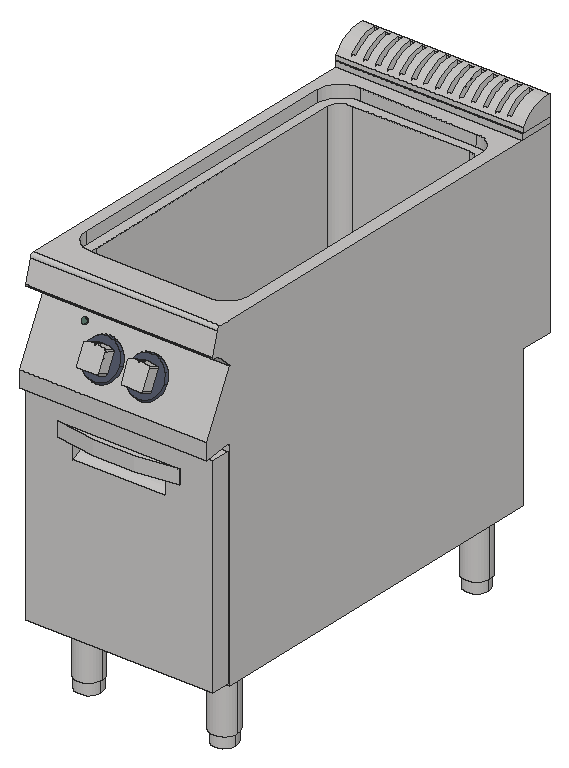
Revit family "QF_ZANUSSI_392412_Z9OOCDBAMC", category Specialty Equipment, Revit 2018
Family settings
  Round Connector Dimension = Use Diameter
  Part Type = Normal
  Work Plane-Based = No
  Always vertical = Yes
  Cut with Voids When Loaded = No
  Shared = No
  Room Calculation Point = No
Parameters (values of type "Standard")
  Weight = 62.00 kg
  Watts = 0 W
  Volts = 380 V
  URL Manufacturer = "http://www.zanussiprofessional.com"
  URL = "http://www.zanussiprofessional.com"
  Steam Supply Size = 0"
  Steam Supply Minimum Pressure = 0.00 psi
  Steam Supply Maximum Pressure = 0.00 psi
  Steam Pounds per Hour = 0
  Show Logo [instance] = yes
  Show Clearance [instance] = yes
  Refrigeration Suction Line Size = 0"
  Refrigeration Liquid Line Size = 0"
  Refrigerant Compressor Remote = yes
  Phase = 3
  Model = "Z9OOCDBAMC"
  Manufacturer = "Zanussi"
  Length Actual = 400 mm  # constant formula
  Item Number = "392412"
  Hot Water Size = 0"
  Height Actual = 850 mm  # constant formula
  HP = "13.4 HP"
  Gas Size = 0"
  Gas KW = 0
  Gas Input Pressure = 0.0 Btu/h
  Direct Waste Size = 1"
  Description = "ELECTRIC PASTA COOKER 1X40 LT WELL (AUS)"
  Depth Actual = 900 mm  # constant formula
  Cycle = 60 Hz
  Condensate Return Size = 0"
  Compressed Air Volume = 0 GPM
  Compressed Air Size = 0"
  Compressed Air Pressure = 0.00 psi
  Cold Water Size = 3/4"
  Accessory = yes
Reference planes
  plane 1 "BACK": y = 0
  plane 2: z = 0
  plane 3 "LEFT": x = 0
  plane 4 "RIGHT": x = 400
  plane 5 "FRONT": y = -915
  plane 6 "TOP": z = 908
  plane 7 "Center Y": x = 200
  plane 8 "Center X": y = -457.5
  plane 9 "BASE": z = 600
  plane 10 "TOP A": z = 850
  plane 11: z = 150
  plane 12: y = -126
  plane 13: y = -800
  plane 14: x = 345
  plane 15: x = 55
  plane 16: y = -1273
  plane 17: x = 232
  plane 18: x = 334.782
  plane 19: x = 240
  plane 20: x = 240
  plane 21: y = -900
Forms (mm)
  Extrusion 1, solid, material "QF_Finishes_Stainless Steel"
    sketch origin (0, 0, 0) x (0, 1, 0) y (0, 0, 1)
      loop
        line (0, 450.038) -> (0, 850) -> (-879.358, 850)
        arc (-879.358, 850) -> (-884.643, 847.811) -> (-886.833, 842.526) r 7.474
        line (-886.833, 842.526) -> (-899.884, 797.011)
        arc (-899.884, 797.011) -> (-899.396, 794.379) -> (-897, 793.184) r 3
        line (-897, 793.184) -> (-886.802, 793.184) -> (-854.982, 761.364) -> (-915, 640.508) -> (-915, 605.508) -> (-858.645, 613.428)
        arc (-858.645, 613.428) -> (-856.101, 612.674) -> (-855, 610.259) r 3.2
        line (-855, 610.259) -> (-855, 150) -> (-71.437, 150) -> (-71.437, 450.038) -> (0, 450.038)
      loop
        line (-900, 600) -> (-900, 155) -> (-860, 155) -> (-860, 600) -> (-900, 600)
    from 0 to 400
  Extrusion 2, void
    sketch origin (0, 0, 850) x (-1, 0, 0) y (0, -1, 0)
      loop
        arc (-75, 101.89) -> (-39.645, 116.535) -> (-25, 151.89) r 50
        line (-25, 151.89) -> (-25, 770)
        arc (-25, 770) -> (-39.645, 805.355) -> (-75, 820) r 50
        line (-75, 820) -> (-325, 820)
        arc (-325, 820) -> (-360.355, 805.355) -> (-375, 770) r 50
        line (-375, 770) -> (-375, 151.89)
        arc (-375, 151.89) -> (-360.355, 116.535) -> (-325, 101.89) r 50
        line (-325, 101.89) -> (-75, 101.89)
    from 0 to -25
  Extrusion 3, solid, material "QF_Clearances", visible <- "Show Clearance", detail levels coarse
    sketch origin (0, 0, 0) x (1, 0, 0) y (0, 1, 0)
      loop
        line (0, -915) -> (0, 0) -> (400, 0) -> (400, -915) -> (550.019, -915) -> (550.019, 150.019) -> (-150.019, 150.019) -> (-150.019, -915) -> (0, -915)
    from 0 to 908
  Revolve 4, solid, material "QF_Finishes_Stainless Steel"
    sketch origin (0, -126, 608.09) x (0, 0, 1) y (-1, 0, 0)
      loop
        line (-608.09, -55) -> (-458.09, -55) -> (-458.09, -26) -> (-583.09, -26) -> (-583.09, -28.75) -> (-608.09, -28.75) -> (-608.09, -55)
      axis (-608.09, -55) -> (-458.09, -55)
    angle from 0 to 360
  Revolve 5, solid, material "QF_Finishes_Stainless Steel"
    sketch origin (400.05, -126, 608.09) x (0, 0, 1) y (-1, 0, 0)
      loop
        line (-608.09, 55.05) -> (-608.09, 29.8) -> (-583.09, 29.8) -> (-583.09, 26.05) -> (-458.09, 26.05) -> (-458.09, 55.05) -> (-608.09, 55.05)
      axis (-608.09, 55.05) -> (-458.09, 55.05)
    angle from 0 to 360
  Revolve 6, solid, material "QF_Finishes_Stainless Steel"
    sketch origin (400.05, -800, 608.09) x (0, 0, 1) y (-1, 0, 0)
      loop
        line (-608.09, 55.05) -> (-608.09, 29.8) -> (-583.09, 29.8) -> (-583.09, 26.05) -> (-458.09, 26.05) -> (-458.09, 55.05) -> (-608.09, 55.05)
      axis (-608.09, 55.05) -> (-458.09, 55.05)
    angle from 0 to 360
  Extrusion 7, solid, material "QF_Finishes_Stainless Steel"
    sketch origin (200, 0, 0) x (0, 1, 0) y (0, 0, 1)
      loop
        line (-71.89, 862.9) -> (-71.89, 850) -> (0, 850) -> (0, 862.9) -> (-71.89, 862.9)
    from -200 to 200
  Revolve 8, solid, material "QF_Finishes_Stainless Steel"
    sketch origin (0, -800, 608.09) x (0, 0, 1) y (1, 0, 0)
      loop
        line (-608.09, 55) -> (-608.09, 28.75) -> (-583.09, 28.75) -> (-583.09, 26) -> (-458.09, 26) -> (-458.09, 55) -> (-608.09, 55)
      axis (-608.09, 55) -> (-458.09, 55)
    angle from 0 to 360
  Extrusion 9, solid, material "QF_Finishes_Stainless Steel"
    sketch origin (0, 0, 574.263) x (0, 1, 0) y (0, 0, 1)
      loop
        line (0, 288.637) -> (0, 333.737)
        arc (0, 333.737) -> (-39.584, 325.765) -> (-69.85, 299.037) r 77.853
        line (-69.85, 299.037) -> (-69.85, 288.637) -> (0, 288.637)
    from 0 to 400
  Extrusion 10, void
    sketch origin (0, 0, 848.9) x (0, -1, 0) y (1, 0, 0)
      loop
        line (6.761, 28.703) -> (63.911, 28.703) -> (63.911, 37.999) -> (6.761, 37.999) -> (6.761, 28.703)
      loop
        line (63.911, 63.487) -> (6.761, 63.487) -> (6.761, 54.191) -> (63.911, 54.191) -> (63.911, 63.487)
      loop
        line (63.911, 89.975) -> (6.761, 89.975) -> (6.761, 80.68) -> (63.911, 80.68) -> (63.911, 89.975)
      loop
        line (63.911, 115.464) -> (6.761, 115.464) -> (6.761, 106.168) -> (63.911, 106.168) -> (63.911, 115.464)
      loop
        line (63.911, 140.952) -> (6.761, 140.952) -> (6.761, 131.656) -> (63.911, 131.656) -> (63.911, 140.952)
      loop
        line (63.911, 166.44) -> (6.761, 166.44) -> (6.761, 157.145) -> (63.911, 157.145) -> (63.911, 166.44)
      loop
        line (63.911, 191.929) -> (6.761, 191.929) -> (6.761, 182.633) -> (63.911, 182.633) -> (63.911, 191.929)
      loop
        line (63.911, 217.417) -> (6.761, 217.417) -> (6.761, 208.121) -> (63.911, 208.121) -> (63.911, 217.417)
      loop
        line (63.911, 242.905) -> (6.761, 242.905) -> (6.761, 233.61) -> (63.911, 233.61) -> (63.911, 242.905)
      loop
        line (63.911, 268.394) -> (6.761, 268.394) -> (6.761, 259.098) -> (63.911, 259.098) -> (63.911, 268.394)
      loop
        line (63.911, 293.882) -> (6.761, 293.882) -> (6.761, 284.586) -> (63.911, 284.586) -> (63.911, 293.882)
      loop
        line (63.911, 319.37) -> (6.761, 319.37) -> (6.761, 310.075) -> (63.911, 310.075) -> (63.911, 319.37)
      loop
        line (63.911, 345.859) -> (6.761, 345.859) -> (6.761, 336.563) -> (63.911, 336.563) -> (63.911, 345.859)
      loop
        line (63.911, 370.347) -> (6.761, 370.347) -> (6.761, 361.051) -> (63.911, 361.051) -> (63.911, 370.347)
    from 25.4 to 63.5
  Extrusion 11, void
    sketch origin (0, 0, 791) x (0, 1, 0) y (-1, 0, 0)
      loop
        arc (-121.89, -75) -> (-130.677, -53.787) -> (-151.89, -45) r 30
        line (-151.89, -45) -> (-606.643, -45)
        arc (-606.643, -45) -> (-627.856, -53.787) -> (-636.643, -75) r 30
        line (-636.643, -75) -> (-636.643, -325)
        arc (-636.643, -325) -> (-627.856, -346.213) -> (-606.643, -355) r 30
        line (-606.643, -355) -> (-151.89, -355)
        arc (-151.89, -355) -> (-130.677, -346.213) -> (-121.89, -325) r 30
        line (-121.89, -325) -> (-121.89, -75)
    from 35 to -339.237
  Extrusion 12, void
    sketch origin (0, -1273.285, 791) x (0, 1, 0) y (-1, 0, 0)
      loop
        line (473.285, -75) -> (473.285, -325)
        arc (473.285, -325) -> (482.072, -346.213) -> (503.285, -355) r 30
        line (503.285, -355) -> (666.643, -355)
        arc (666.643, -355) -> (645.429, -346.213) -> (636.643, -325) r 30
        line (636.643, -325) -> (636.643, -75)
        arc (636.643, -75) -> (645.429, -53.787) -> (666.643, -45) r 30
        line (666.643, -45) -> (503.285, -45)
        arc (503.285, -45) -> (482.072, -53.787) -> (473.285, -75) r 30
    from 35 to -189.237
  Extrusion 13, solid, material "QF_Finishes_Stainless Steel"
    sketch origin (0, 0, 0) x (1, 0, 0) y (0, 1, 0)
      loop
        circle (232, -780) r 12.7
    from 176 to 292.788
  Extrusion 14, solid, material "QF_Finishes_Stainless Steel"
    sketch origin (0, 0, 150) x (-1, 0, 0) y (0, 1, 0)
      loop
        circle (-240, -570) r 6.35
    from 0 to 10
  Extrusion 15, solid, material "QF_Finishes_Stainless Steel"
    sketch origin (152.628, 92.372, 0) x (1, 0, 0) y (0, 1, 0)
      loop
        circle (182.372, -792.372) r 9.525
    from 200 to 331.575
  Extrusion 16, solid, material "QF_Plastic-Black-Matte"
    sketch origin (190, -884.991, 700.936) x (0, 0.444781, 0.895639) y (0, 0.895639, -0.444781)
      loop
        line (26.984, -34) -> (23.984, -34) -> (23.984, -35) -> (26.984, -35)
        arc (26.984, -35) -> (27.691, -34.707) -> (27.984, -34) r 1
        line (27.984, -34) -> (27.984, -19) -> (26.984, -19) -> (26.984, -34)
    from -58.5 to -56.5
  Extrusion 17, solid, material "QF_Finishes_Stainless Steel"
    sketch origin (247.5, -884.991, 700.936) x (-1, 0, 0) y (0, -0.444781, -0.895639)
      loop
        line (17.5, -17.5) -> (17.5, 17.5) -> (-17.5, 17.5) -> (-17.5, -17.5) -> (17.5, -17.5)
    from 5 to 10
  Extrusion 18, solid, material "QF_Finishes_Stainless Steel"
    sketch origin (247.5, -884.991, 700.936) x (-1, 0, 0) y (0, -0.444781, -0.895639)
      loop
        arc (-21.147, -22.789) -> (0, -26.984) -> (21.147, -22.789) r 55.4
        arc (21.147, -22.789) -> (22.494, -21.685) -> (23, -20.019) r 2.997
        line (23, -20.019) -> (23, 20.019)
        arc (23, 20.019) -> (22.122, 22.138) -> (20.003, 23.016) r 2.997
        line (20.003, 23.016) -> (-20.003, 23.016)
        arc (-20.003, 23.016) -> (-22.122, 22.138) -> (-23, 20.019) r 2.997
        line (-23, 20.019) -> (-23, -20.019)
        arc (-23, -20.019) -> (-22.494, -21.685) -> (-21.147, -22.789) r 2.997
    from 10 to 34
  Blend 19, solid, material "QF_Finishes_Navy Blue"
    base sketch origin (247.5, -884.991, 700.936) x (1, 0, 0) y (0, 0.444781, 0.895639)
      loop
        circle (0, 0) r 42.5
    top sketch origin (247.5, -884.991, 700.936) x (1, 0, 0) y (0, 0.444781, 0.895639)
      loop
        circle (0, 0) r 40.5
    from 0 to 5
  Extrusion 20, solid, material "QF_Finishes_Stainless Steel"
    sketch origin (152.5, -884.991, 700.936) x (1, 0, 0) y (0, 0.444781, 0.895639)
      loop
        arc (-21.147, 22.789) -> (-22.494, 21.685) -> (-23, 20.019) r 2.997
        line (-23, 20.019) -> (-23, -20.019)
        arc (-23, -20.019) -> (-22.122, -22.138) -> (-20.003, -23.016) r 2.997
        line (-20.003, -23.016) -> (20.003, -23.016)
        arc (20.003, -23.016) -> (22.122, -22.138) -> (23, -20.019) r 2.997
        line (23, -20.019) -> (23, 20.019)
        arc (23, 20.019) -> (22.494, 21.685) -> (21.147, 22.789) r 2.997
        arc (21.147, 22.789) -> (0, 26.984) -> (-21.147, 22.789) r 55.4
    from 10 to 34
  Extrusion 21, solid, material "QF_Plastic-Black-Matte"
    sketch origin (232.5, -884.991, 700.936) x (0, 0.444781, 0.895639) y (0, -0.895639, 0.444781)
      loop
        line (26.984, 34) -> (26.984, 19) -> (27.984, 19) -> (27.984, 34)
        arc (27.984, 34) -> (27.691, 34.707) -> (26.984, 35) r 1
        line (26.984, 35) -> (23.984, 35) -> (23.984, 34) -> (26.984, 34)
    from -81 to -79
  Extrusion 22, solid, material "QF_Finishes_DarkGreen"
    sketch origin (152.5, -862.752, 745.718) x (1, 0, 0) y (0, 0.444781, 0.895639)
      loop
        circle (-55.001, 0) r 6
    from 0 to 1.6
  Extrusion 23, solid, material "QF_Finishes_Stainless Steel"
    sketch origin (152.5, -884.991, 700.936) x (1, 0, 0) y (0, 0.444781, 0.895639)
      loop
        line (17.5, 17.5) -> (-17.5, 17.5) -> (-17.5, -17.5) -> (17.5, -17.5) -> (17.5, 17.5)
    from 5 to 10
  Blend 24, solid, material "QF_Finishes_Navy Blue"
    base sketch origin (152.5, -884.991, 700.936) x (1, 0, 0) y (0, 0.444781, 0.895639)
      loop
        circle (0, 0) r 42.5
    top sketch origin (152.5, -884.991, 700.936) x (1, 0, 0) y (0, 0.444781, 0.895639)
      loop
        circle (0, 0) r 40.5
    from 0 to 5
  Extrusion 25, solid, material "QF_Finishes_Door Clearance", visible <- "Show Clearance", detail levels coarse
    sketch origin (0, -200, 850) x (-1, 0, 0) y (0, -1, 0)
      loop
        arc (0, 672.137) -> (-117.157, 954.98) -> (-400, 1072.137) r 400
        line (-400, 1072.137) -> (-400, 672.137) -> (0, 672.137)
    from -695 to -250
  Extrusion 26, solid, material "QF_Finishes_Stainless Steel"
    sketch origin (-77.88, -4772, 130) x (-1, 0, 0) y (0, -1, 0)
      loop
        arc (-147.606, -3871.085) -> (-277.88, -3857) -> (-408.153, -3871.085) r 609.497
        line (-408.153, -3871.085) -> (-408.153, -3872) -> (-147.606, -3872) -> (-147.606, -3871.085)
    from 400 to 430
  Extrusion 27, void
    sketch origin (200, -227.862, -20) x (0, 1, 0) y (0, 0, 1)
      loop
        line (-672.137, 567) -> (-672.137, 517)
        arc (-672.137, 517) -> (-656.47, 524.721) -> (-650.137, 541) r 24.091
        line (-650.137, 541) -> (-650.137, 567) -> (-672.137, 567)
    from -100 to 100
Cuts and joins
  Extrusion 2, Extrusion 11, Extrusion 12, Extrusion 27 cuts Extrusion 1
  Extrusion 10 cuts Extrusion 9
Lines and regions (mm)
  Split face 1
    outline origin (247.5, -889.469, 703.16) x (1, 0, 0) y (0, 0.444781, 0.895639)
      loop
        arc (-0.521, 36.501) -> (-26.491, 26.394) -> (-37.708, 0.884) r 36.411
        line (-37.708, 0.884) -> (-31.708, 0.884)
        arc (-31.708, 0.884) -> (-21.998, 23.844) -> (-0.521, 36.501) r 39.733
  Split face 2
    outline origin (152.5, -889.469, 703.16) x (0, -0.444781, -0.895639) y (1, 0, 0)
      loop
        circle (-34, 0) r 1.5
  Split face 3
    outline origin (152.5, -889.469, 703.16) x (1, 0, 0) y (0, 0.444781, 0.895639)
      loop
        circle (-32.336, 10.507) r 1.5
  Split face 4
    outline origin (152.5, -889.469, 703.16) x (1, 0, 0) y (0, 0.444781, 0.895639)
      loop
        circle (-19.985, -27.507) r 1.5
  Split face 5
    outline origin (152.5, -889.469, 703.16) x (1, 0, 0) y (0, 0.444781, 0.895639)
      loop
        circle (19.985, -27.507) r 1.5
  Split face 6
    outline origin (152.5, -889.469, 703.16) x (1, 0, 0) y (0, 0.444781, 0.895639)
      loop
        circle (32.336, 10.507) r 1.5
  symbolic lines, style "QF_Clearances", visible <- "Show Clearance", detail levels coarse
    curve 1: line (-150.019, 150.019, 850) -> (-150.019, -915, 850)
    curve 2: line (550.019, 150.019, 850) -> (-150.019, 150.019, 850)
    curve 3: line (550.019, -915, 850) -> (550.019, 150.019, 850)
  symbolic lines
    curve 4: line (0, -915, 850) -> (0, 0, 850)
    curve 5: line (400, 0, 850) -> (400, -915, 850)
    curve 7: line (0, -71.89, 850) -> (400, -71.89, 850)
    curve 8: line (0, 0, 850) -> (400, 0, 850)
    curve 9: line (28.703, -6.761, 850) -> (37.999, -6.761, 850)
    curve 10: line (28.703, -63.911, 850) -> (28.703, -6.761, 850)
    curve 11: line (37.999, -63.911, 850) -> (28.703, -63.911, 850)
    curve 12: line (37.999, -6.761, 850) -> (37.999, -63.911, 850)
    curve 13: line (54.191, -6.761, 850) -> (63.487, -6.761, 850)
    curve 14: line (54.191, -63.911, 850) -> (54.191, -6.761, 850)
    curve 15: line (63.487, -63.911, 850) -> (54.191, -63.911, 850)
    curve 16: line (63.487, -6.761, 850) -> (63.487, -63.911, 850)
    curve 17: line (80.68, -6.761, 850) -> (89.975, -6.761, 850)
    curve 18: line (80.68, -63.911, 850) -> (80.68, -6.761, 850)
    curve 19: line (89.975, -63.911, 850) -> (80.68, -63.911, 850)
    curve 20: line (89.975, -6.761, 850) -> (89.975, -63.911, 850)
    curve 21: line (106.168, -6.761, 850) -> (115.464, -6.761, 850)
    curve 22: line (106.168, -63.911, 850) -> (106.168, -6.761, 850)
    curve 23: line (115.464, -63.911, 850) -> (106.168, -63.911, 850)
    curve 24: line (115.464, -6.761, 850) -> (115.464, -63.911, 850)
    curve 25: line (131.656, -6.761, 850) -> (140.952, -6.761, 850)
    curve 26: line (131.656, -63.911, 850) -> (131.656, -6.761, 850)
    curve 27: line (140.952, -63.911, 850) -> (131.656, -63.911, 850)
    curve 28: line (140.952, -6.761, 850) -> (140.952, -63.911, 850)
    curve 29: line (157.145, -6.761, 850) -> (166.44, -6.761, 850)
    curve 30: line (157.145, -63.911, 850) -> (157.145, -6.761, 850)
    curve 31: line (166.44, -63.911, 850) -> (157.145, -63.911, 850)
    curve 32: line (166.44, -6.761, 850) -> (166.44, -63.911, 850)
    curve 33: line (182.633, -6.761, 850) -> (191.929, -6.761, 850)
    curve 34: line (182.633, -63.911, 850) -> (182.633, -6.761, 850)
    curve 35: line (191.929, -63.911, 850) -> (182.633, -63.911, 850)
    curve 36: line (191.929, -6.761, 850) -> (191.929, -63.911, 850)
    curve 37: line (208.121, -6.761, 850) -> (218.417, -6.761, 850)
    curve 38: line (208.121, -63.911, 850) -> (208.121, -6.761, 850)
    curve 39: line (218.417, -63.911, 850) -> (208.121, -63.911, 850)
    curve 40: line (218.417, -6.761, 850) -> (218.417, -63.911, 850)
    curve 41: line (234.61, -6.761, 850) -> (243.905, -6.761, 850)
    curve 42: line (234.61, -63.911, 850) -> (234.61, -6.761, 850)
    curve 43: line (243.905, -63.911, 850) -> (234.61, -63.911, 850)
    curve 44: line (243.905, -6.761, 850) -> (243.905, -63.911, 850)
    curve 45: line (260.098, -6.761, 850) -> (269.394, -6.761, 850)
    curve 46: line (260.098, -63.911, 850) -> (260.098, -6.761, 850)
    curve 47: line (269.394, -63.911, 850) -> (260.098, -63.911, 850)
    curve 48: line (269.394, -6.761, 850) -> (269.394, -63.911, 850)
    curve 49: line (285.586, -6.761, 850) -> (294.882, -6.761, 850)
    curve 50: line (285.586, -63.911, 850) -> (285.586, -6.761, 850)
    curve 51: line (294.882, -63.911, 850) -> (285.586, -63.911, 850)
    curve 52: line (294.882, -6.761, 850) -> (294.882, -63.911, 850)
    curve 53: line (311.075, -6.761, 850) -> (320.37, -6.761, 850)
    curve 54: line (311.075, -63.911, 850) -> (311.075, -6.761, 850)
    curve 55: line (320.37, -63.911, 850) -> (311.075, -63.911, 850)
    curve 56: line (320.37, -6.761, 850) -> (320.37, -63.911, 850)
    curve 57: line (336.563, -6.761, 850) -> (345.859, -6.761, 850)
    curve 58: line (336.563, -63.911, 850) -> (336.563, -6.761, 850)
    curve 59: line (345.859, -63.911, 850) -> (336.563, -63.911, 850)
    curve 60: line (345.859, -6.761, 850) -> (345.859, -63.911, 850)
    curve 61: line (361.051, -6.761, 850) -> (370.347, -6.761, 850)
    curve 62: line (361.051, -63.911, 850) -> (361.051, -6.761, 850)
    curve 63: line (370.347, -63.911, 850) -> (361.051, -63.911, 850)
    curve 64: line (370.347, -6.761, 850) -> (370.347, -63.911, 850)
    curve 65: line (25, -770, 850) -> (25, -151.89, 850)
    curve 66: arc (25, -151.89, 850) -> (39.645, -116.535, 850) -> (75, -101.89, 850) r 50
    curve 67: line (75, -101.89, 850) -> (325, -101.89, 850)
    curve 68: arc (325, -101.89, 850) -> (360.355, -116.535, 850) -> (375, -151.89, 850) r 50
    curve 69: line (375, -151.89, 850) -> (375, -770, 850)
    curve 70: arc (375, -770, 850) -> (360.355, -805.355, 850) -> (325, -820, 850) r 50
    curve 71: line (325, -820, 850) -> (75, -820, 850)
    curve 72: arc (75, -820, 850) -> (39.645, -805.355, 850) -> (25, -770, 850) r 50
    curve 73: line (75, -121.89, 850) -> (325, -121.89, 850)
    curve 74: arc (325, -121.89, 850) -> (346.213, -130.677, 850) -> (355, -151.89, 850) r 30
    curve 75: line (355, -151.89, 850) -> (355, -770, 850)
    curve 76: arc (355, -770, 850) -> (346.213, -791.213, 850) -> (325, -800, 850) r 30
    curve 77: line (325, -800, 850) -> (75, -800, 850)
    curve 78: arc (75, -800, 850) -> (53.787, -791.213, 850) -> (45, -770, 850) r 30
    curve 79: line (45, -770, 850) -> (45, -151.89, 850)
    curve 80: arc (45, -151.89, 850) -> (53.787, -130.677, 850) -> (75, -121.89, 850) r 30
    curve 81: line (75, -629.143, 850) -> (325, -629.143, 850)
    curve 82: arc (45, -599.143, 850) -> (53.787, -620.356, 850) -> (75, -629.143, 850) r 30
    curve 83: arc (325, -629.143, 850) -> (346.213, -620.356, 850) -> (355, -599.143, 850) r 30
    curve 84: line (65, -599.143, 850) -> (65, -151.89, 850)
    curve 85: line (75, -609.143, 850) -> (325, -609.143, 850)
    curve 86: arc (65, -599.143, 850) -> (67.929, -606.214, 850) -> (75, -609.143, 850) r 10
    curve 87: arc (325, -609.143, 850) -> (332.071, -606.214, 850) -> (335, -599.143, 850) r 10
    curve 88: line (335, -151.89, 850) -> (335, -599.143, 850)
    curve 89: arc (325, -141.89, 850) -> (332.071, -144.819, 850) -> (335, -151.89, 850) r 10
    curve 90: line (75, -141.89, 850) -> (325, -141.89, 850)
    curve 91: arc (65, -151.89, 850) -> (67.929, -144.819, 850) -> (75, -141.89, 850) r 10
    curve 92: line (0, -900, 0) -> (400.05, -900, 0)
    curve 93: line (129.525, -900, 0) -> (129.525, -924.347, 0)
    curve 94: arc (129.525, -924.347, 0) -> (129.671, -924.811, 0) -> (130.057, -925.107, 0) r 0.809
    curve 95: arc (130.057, -925.107, 0) -> (131.245, -925.587, 0) -> (132.522, -925.68, 0) r 4.127
    curve 96: arc (129.525, -904.292, 0) -> (124.484, -902.458, 0) -> (119.716, -900, 0) r 42.24
    curve 97: arc (129.525, -906.539, 0) -> (130.027, -905.818, 0) -> (130.824, -905.448, 0) r 1.682
    curve 98: arc (130.824, -905.448, 0) -> (141.127, -903.95, 0) -> (151.525, -903.441, 0) r 109.079
    curve 99: line (151.525, -900, 0) -> (151.525, -905.671, 0)
    curve 100: line (151.525, -905.671, 0) -> (153.525, -905.671, 0)
    curve 101: line (153.525, -905.671, 0) -> (153.525, -900, 0)
    curve 102: line (175.525, -900, 0) -> (175.525, -924.347, 0)
    curve 103: arc (175.525, -924.347, 0) -> (175.379, -924.811, 0) -> (174.993, -925.107, 0) r 0.809
    curve 104: arc (174.993, -925.107, 0) -> (173.805, -925.587, 0) -> (172.528, -925.68, 0) r 4.127
    curve 105: arc (175.525, -904.292, 0) -> (180.566, -902.458, 0) -> (185.334, -900, 0) r 42.24
    curve 106: arc (175.525, -906.539, 0) -> (175.023, -905.818, 0) -> (174.226, -905.448, 0) r 1.682
    curve 107: arc (174.226, -905.448, 0) -> (163.923, -903.95, 0) -> (153.525, -903.441, 0) r 109.079
    curve 108: line (132.522, -925.68, 0) -> (172.528, -925.68, 0)
    curve 109: line (270.525, -900, 0) -> (270.525, -924.347, 0)
    curve 110: arc (270.525, -924.347, 0) -> (270.379, -924.811, 0) -> (269.993, -925.107, 0) r 0.809
    curve 111: arc (269.993, -925.107, 0) -> (268.805, -925.587, 0) -> (267.528, -925.68, 0) r 4.127
    curve 112: arc (270.525, -904.292, 0) -> (275.566, -902.458, 0) -> (280.334, -900, 0) r 42.24
    curve 113: arc (270.525, -906.539, 0) -> (270.023, -905.818, 0) -> (269.226, -905.448, 0) r 1.682
    curve 114: arc (269.226, -905.448, 0) -> (258.923, -903.95, 0) -> (248.525, -903.441, 0) r 109.079
    curve 115: line (248.525, -900, 0) -> (248.525, -905.671, 0)
    curve 116: line (248.525, -905.671, 0) -> (246.525, -905.671, 0)
    curve 117: line (246.525, -905.671, 0) -> (246.525, -900, 0)
    curve 118: line (224.525, -900, 0) -> (224.525, -924.347, 0)
    curve 119: arc (224.525, -924.347, 0) -> (224.671, -924.811, 0) -> (225.057, -925.107, 0) r 0.809
    curve 120: arc (225.057, -925.107, 0) -> (226.245, -925.587, 0) -> (227.522, -925.68, 0) r 4.127
    curve 121: arc (224.525, -904.292, 0) -> (219.484, -902.458, 0) -> (214.716, -900, 0) r 42.24
    curve 122: arc (224.525, -906.539, 0) -> (225.027, -905.818, 0) -> (225.824, -905.448, 0) r 1.682
    curve 123: arc (225.824, -905.448, 0) -> (236.127, -903.95, 0) -> (246.525, -903.441, 0) r 109.079
    curve 124: line (267.528, -925.68, 0) -> (227.522, -925.68, 0)
    curve 125: line (175.525, -915, 0) -> (224.525, -915, 0)
    curve 126: line (270.525, -915, 0) -> (400.05, -915, 0)
    curve 127: line (0, -915, 0) -> (129.525, -915, 0)
  symbolic lines, style "QF_Door-Drawer Clearances"
    curve 6: line (52.619, -1070.447, 850) -> (326.76, -915, 850)
    curve 128: arc (2.303, -915, 0) -> (19.44, -995.32, 0) -> (52.619, -1070.447, 0) r 400
Dimensions and locks
  equal spacing: plane 3 "LEFT", plane 7 "Center Y", plane 4 "RIGHT"
  plane 3 "LEFT" to plane 4 "RIGHT" = 400 mm
  equal spacing: plane 5 "FRONT", plane 8 "Center X", plane 1 "BACK"
  plane 5 "FRONT" to plane 1 "BACK" = 915 mm  (x2)
  plane 1 "BACK" to plane 5 "FRONT" = 915 mm
  plane 11 to level = 150 mm
  plane 1 "BACK" to plane 12 = 126 mm
  plane 12 to plane 13 = 674 mm
  plane 4 "RIGHT" to plane 14 = 55 mm
  plane 15 to plane 3 "LEFT" = 55 mm
  plane 4 "RIGHT" to plane 3 "LEFT" = 400 mm
  plane 5 "FRONT" to plane 16 = 358 mm
  plane 1 "BACK" to curve 2 = 150.019 mm
  plane 4 "RIGHT" to curve 3 = 150.019 mm
  curve 1 to plane 3 "LEFT" = 150.019 mm
  plane 10 "TOP A" to level = 850 mm
  plane 10 "TOP A" to plane 11 = 700 mm
  plane 10 "TOP A" to plane 11 to level = 700 mm, 150 mm
  plane 6 "TOP" to level = 908 mm
  plane 14 to plane 15 = 290 mm
  plane 3 "LEFT" to Extrusion 13 sketch curve = 232 mm
  Extrusion 13 sketch curve to plane 1 "BACK" = 780 mm
  plane 3 "LEFT" to Extrusion 14 sketch curve = 240 mm
  Extrusion 14 sketch curve to plane 1 "BACK" = 570 mm
  Extrusion 14 to plane 1 "BACK" = 570 mm
  Extrusion 13 to plane 1 "BACK" = 780 mm
  plane 3 "LEFT" to plane 17 = 232 mm
  plane 18 to plane 4 "RIGHT" = 65.218 mm
  Extrusion 15 to plane 1 "BACK" = 700 mm
  plane 1 "BACK" to Extrusion 15 = 700 mm
  plane 1 "BACK" to Extrusion 14 = 570 mm
  plane 1 "BACK" to Extrusion 13 = 780 mm
  Extrusion 15 to plane 11 = 50 mm
  plane 3 "LEFT" to plane 20 = 240 mm
  plane 10 "TOP A" to plane 9 "BASE" to plane 11 = 250 mm, 450 mm
  plane 5 "FRONT" to plane 21 = 15 mm
  aligned and locked: level to plane 2
  aligned and locked: plane 4 "RIGHT" to Extrusion 1
  aligned and locked: plane 6 "TOP" to Extrusion 3
  aligned and locked: plane 13 to Revolve 6
  aligned and locked: plane 12 to Revolve 4
  aligned and locked: plane 12 to Revolve 5
  aligned and locked: plane 4 "RIGHT" to Extrusion 7
  aligned and locked: plane 13 to Revolve 8
Automatic sketch dimensions
  Extrusion 2 sketch curve to plane 4 "RIGHT" = 25 mm
  plane 18 to Extrusion 2 sketch curve = 9.782 mm  (x2)
  plane 3 "LEFT" to Extrusion 2 sketch curve = 25 mm
  Extrusion 2 sketch curve to plane 12 = 24.11 mm
  Extrusion 2 sketch curve to plane 13 = 30 mm
  plane 5 "FRONT" to Extrusion 3 sketch curve = 0 mm  (x2)
  plane 1 "BACK" to Extrusion 3 sketch curve = 0 mm
  Extrusion 3 sketch curve to plane 3 "LEFT" = 0 mm
  Extrusion 3 sketch curve to plane 4 "RIGHT" = 0 mm
  Extrusion 3 sketch curve to plane 3 "LEFT" = 150.019 mm
  plane 4 "RIGHT" to Extrusion 3 sketch curve = 150.019 mm
  Extrusion 3 sketch curve to plane 1 "BACK" = 150.019 mm
  Revolve 4 sketch curve to level = 0 mm
  Revolve 4 sketch curve to plane 11 = 0 mm  (x2)
  Revolve 4 sketch curve to plane 15 = 0 mm  (x2)
  level to Revolve 4 sketch curve = 25 mm
  plane 11 to Revolve 4 sketch curve = 20 mm
  Revolve 4 sketch curve to plane 15 = 26.25 mm
  plane 3 "LEFT" to Revolve 4 sketch curve = 26 mm
  Revolve 5 sketch curve to level = 0 mm
  Revolve 5 sketch curve to plane 11 = 0 mm  (x2)
  Revolve 5 sketch curve to plane 14 = 0 mm  (x2)
  level to Revolve 5 sketch curve = 25 mm
  plane 11 to Revolve 5 sketch curve = 20 mm
  plane 14 to Revolve 5 sketch curve = 25.25 mm
  Revolve 5 sketch curve to plane 4 "RIGHT" = 26 mm
  Revolve 6 sketch curve to level = 0 mm
  Revolve 6 sketch curve to plane 11 = 0 mm  (x2)
  Revolve 6 sketch curve to plane 14 = 0 mm  (x2)
  level to Revolve 6 sketch curve = 25 mm
  plane 11 to Revolve 6 sketch curve = 20 mm
  plane 14 to Revolve 6 sketch curve = 25.25 mm
  Revolve 6 sketch curve to plane 4 "RIGHT" = 26 mm
  Extrusion 7 sketch curve to plane 10 "TOP A" = 0 mm
  Extrusion 7 sketch curve to plane 1 "BACK" = 0 mm
  plane 10 "TOP A" to Extrusion 7 sketch curve = 12.9 mm
  Extrusion 7 sketch curve to plane 12 = 54.11 mm
  Revolve 8 sketch curve to level = 0 mm
  Revolve 8 sketch curve to plane 11 = 0 mm  (x2)
  Revolve 8 sketch curve to plane 15 = 0 mm  (x2)
  level to Revolve 8 sketch curve = 25 mm
  plane 11 to Revolve 8 sketch curve = 20 mm
  Revolve 8 sketch curve to plane 15 = 26.25 mm
  plane 3 "LEFT" to Revolve 8 sketch curve = 26 mm
  Extrusion 9 sketch curve to plane 1 "BACK" = 0 mm
  Extrusion 9 sketch curve to plane 6 "TOP" = 0 mm
  plane 1 "BACK" to Extrusion 9 sketch curve = 4.947 mm
  plane 10 "TOP A" to Extrusion 9 sketch curve = 23.3 mm
  plane 1 "BACK" to Extrusion 9 sketch curve = 69.85 mm
  plane 10 "TOP A" to Extrusion 9 sketch curve = 12.9 mm
  plane 1 "BACK" to Extrusion 10 sketch curve = 6.761 mm  (x14)
  Extrusion 10 sketch curve to plane 18 = 1.781 mm
  Extrusion 10 sketch curve to plane 17 = 1.61 mm
  plane 17 to Extrusion 10 sketch curve = 14.583 mm
  Extrusion 10 sketch curve to Extrusion 10 sketch curve = 57.15 mm
  Extrusion 10 sketch curve to plane 7 "Center Y" = 8.071 mm
  Extrusion 10 sketch curve to Extrusion 10 sketch curve = 0 mm  (x13)
  Extrusion 10 sketch curve to plane 17 = 10.905 mm
  plane 14 to Extrusion 10 sketch curve = 0.859 mm
  Extrusion 10 sketch curve to plane 15 = 0.809 mm
  Extrusion 10 sketch curve to Extrusion 10 sketch curve = 16.193 mm  (x7)
  Extrusion 10 sketch curve to Extrusion 10 sketch curve = 9.296 mm  (x10)
  plane 7 "Center Y" to Extrusion 10 sketch curve = 8.121 mm
  Extrusion 10 sketch curve to Extrusion 10 sketch curve = 15.193 mm
  plane 18 to Extrusion 11 sketch curve = 9.782 mm
  Extrusion 11 sketch curve to plane 13 = 163.357 mm
  Extrusion 11 sketch curve to Extrusion 11 sketch curve = 30 mm
  plane 14 to Extrusion 11 sketch curve = 10 mm
  plane 12 to Extrusion 11 sketch curve = 25.89 mm  (x2)
  Extrusion 11 sketch curve to plane 12 = 4.11 mm
  plane 13 to Extrusion 12 sketch curve = 0 mm
  Extrusion 12 sketch curve to Extrusion 12 sketch curve = 30 mm  (x5)
  plane 18 to Extrusion 12 sketch curve = 9.782 mm
  Extrusion 12 sketch curve to Extrusion 12 sketch curve = 133.357 mm
  plane 14 to Extrusion 12 sketch curve = 10 mm
  Extrusion 12 sketch curve to Extrusion 12 sketch curve = 0 mm
  Extrusion 15 sketch curve to plane 18 = 0.218 mm
  Extrusion 15 sketch curve to plane 13 = 100 mm
  plane 15 to Extrusion 2 sketch curve = 20 mm
  plane 13 to Extrusion 2 sketch curve = 20 mm
  plane 15 to Extrusion 10 sketch curve = 8.487 mm
  Extrusion 10 sketch curve to Extrusion 10 sketch curve = 17.193 mm
  plane 15 to Extrusion 11 sketch curve = 20 mm
  plane 15 to Extrusion 12 sketch curve = 20 mm  (x2)
  Extrusion 1 sketch curve to plane 9 "BASE" = 0 mm
  Extrusion 1 sketch curve to plane 10 "TOP A" = 0 mm
  Extrusion 1 sketch curve to plane 11 = 0 mm
  plane 9 "BASE" to Extrusion 1 sketch curve = 5.508 mm
  plane 16 to Extrusion 1 sketch curve = 358 mm
  Extrusion 1 sketch curve to Extrusion 1 sketch curve = 15 mm
  Extrusion 1 sketch curve to plane 10 "TOP A" = 52.989 mm
  Extrusion 1 sketch curve to Extrusion 1 sketch curve = 15.116 mm
  Extrusion 1 sketch curve to Extrusion 1 sketch curve = 2.884 mm
  Extrusion 1 sketch curve to plane 10 "TOP A" = 7.474 mm
  Extrusion 1 sketch curve to Extrusion 1 sketch curve = 13.051 mm
  Extrusion 1 sketch curve to Extrusion 1 sketch curve = 10.198 mm
  Extrusion 1 sketch curve to Extrusion 1 sketch curve = 40 mm
  plane 9 "BASE" to Extrusion 1 sketch curve = 13.428 mm
  Extrusion 1 sketch curve to Extrusion 1 sketch curve = 1.355 mm
  Extrusion 1 sketch curve to Extrusion 1 sketch curve = 0.445 mm
  Extrusion 1 sketch curve to Extrusion 1 sketch curve = 5 mm
  Extrusion 1 sketch curve to Extrusion 1 sketch curve = 31.82 mm
  Extrusion 1 sketch curve to plane 13 = 728.563 mm
  plane 8 "Center X" to Extrusion 1 sketch curve = 457.5 mm
  plane 11 to Extrusion 1 sketch curve = 5 mm
  Extrusion 1 sketch curve to plane 9 "BASE" = 149.962 mm
  Extrusion 1 sketch curve to Extrusion 1 sketch curve = 35 mm
  Extrusion 1 sketch curve to Extrusion 1 sketch curve = 35.647 mm
  Extrusion 1 sketch curve to Extrusion 1 sketch curve = 3.827 mm
  Extrusion 16 sketch curve to plane 5 "FRONT" = 9.329 mm
  Extrusion 16 sketch curve to plane 10 "TOP A" = 112.016 mm
  Extrusion 16 sketch curve to Extrusion 16 sketch curve = 3 mm
  Extrusion 16 sketch curve to Extrusion 16 sketch curve = 0 mm
  Extrusion 16 sketch curve to Extrusion 16 sketch curve = 1 mm  (x2)
  Extrusion 16 sketch curve to Extrusion 16 sketch curve = 15 mm
  plane 15 to Extrusion 17 sketch curve = 210 mm
  plane 3 "LEFT" to Extrusion 17 sketch curve = 230 mm
  Extrusion 17 sketch curve to Extrusion 17 sketch curve = 35 mm
  plane 15 to Extrusion 18 sketch curve = 215.5 mm
  Extrusion 18 sketch curve to Extrusion 18 sketch curve = 2.997 mm  (x3)
  plane 3 "LEFT" to Extrusion 18 sketch curve = 247.5 mm
  plane 3 "LEFT" to Extrusion 18 sketch curve = 227.497 mm  (x2)
  Extrusion 18 sketch curve to Extrusion 18 sketch curve = 0 mm  (x2)
  Extrusion 18 sketch curve to Extrusion 18 sketch curve = 40.037 mm
  Extrusion 18 sketch curve to Extrusion 18 sketch curve = 5.399 mm
  plane 3 "LEFT" to Blend 19 sketch curve = 247.5 mm  (x2)
  Split face 1 sketch curve to Split face 1 sketch curve = 6 mm
  Split face 1 sketch curve to Split face 1 sketch curve = 30.402 mm
  Split face 1 sketch curve to Split face 1 sketch curve = 9.201 mm
  Split face 1 sketch curve to Split face 1 sketch curve = 2.43 mm
  Split face 1 sketch curve to Split face 1 sketch curve = 0.785 mm
  plane 3 "LEFT" to Extrusion 20 sketch curve = 129.5 mm
  Extrusion 20 sketch curve to Extrusion 20 sketch curve = 2.997 mm  (x3)
  Extrusion 20 sketch curve to Extrusion 20 sketch curve = 20.003 mm  (x2)
  Extrusion 20 sketch curve to Extrusion 20 sketch curve = 40.005 mm
  Extrusion 20 sketch curve to Extrusion 20 sketch curve = 5.399 mm
  Extrusion 20 sketch curve to Extrusion 20 sketch curve = 40.037 mm
  Extrusion 20 sketch curve to Extrusion 20 sketch curve = 0 mm  (x2)
  Extrusion 21 sketch curve to plane 5 "FRONT" = 9.329 mm
  Extrusion 21 sketch curve to plane 10 "TOP A" = 112.016 mm
  Extrusion 21 sketch curve to Extrusion 21 sketch curve = 3 mm
  Extrusion 21 sketch curve to Extrusion 21 sketch curve = 0 mm  (x2)
  Extrusion 21 sketch curve to Extrusion 21 sketch curve = 1 mm
  Extrusion 21 sketch curve to Extrusion 21 sketch curve = 15 mm
  plane 3 "LEFT" to Extrusion 22 sketch curve = 97.499 mm
  plane 3 "LEFT" to Extrusion 23 sketch curve = 135 mm
  Extrusion 23 sketch curve to Extrusion 23 sketch curve = 35 mm  (x2)
  plane 3 "LEFT" to Blend 24 sketch curve = 152.5 mm  (x2)
  Extrusion 25 sketch curve to plane 4 "RIGHT" = 0 mm
  Extrusion 25 sketch curve to plane 3 "LEFT" = 0 mm
  plane 21 to Extrusion 25 sketch curve = 27.863 mm
  Extrusion 26 sketch curve to plane 21 = 0 mm
  Extrusion 26 sketch curve to plane 7 "Center Y" = 0 mm
  plane 18 to Extrusion 26 sketch curve = 4.509 mm
  plane 15 to Extrusion 26 sketch curve = 14.727 mm
  plane 8 "Center X" to Extrusion 26 sketch curve = 151.997 mm
  Extrusion 26 sketch curve to plane 21 = 0.915 mm
  Extrusion 27 sketch curve to plane 21 = 0 mm
  Extrusion 27 sketch curve to plane 21 = 2.091 mm
  Extrusion 27 sketch curve to Extrusion 27 sketch curve = 22 mm
  Extrusion 27 sketch curve to plane 9 "BASE" = 103 mm
  Extrusion 27 sketch curve to Extrusion 27 sketch curve = 26 mm
  curve 66 to curve 80 = 0 mm  (x2)
  curve 66 to curve 91 = 0 mm  (x2)
  curve 68 to curve 74 = 0 mm  (x2)
  curve 68 to curve 89 = 0 mm  (x2)
  curve 70 to curve 76 = 0 mm  (x2)
  curve 72 to curve 78 = 0 mm
  curve 82 to curve 86 = 0 mm  (x2)
  curve 83 to curve 87 = 0 mm
  plane 1 "BACK" to curve 8 = 0 mm
  curve 8 to plane 4 "RIGHT" = 0 mm
  plane 5 "FRONT" to curve 6 = 0 mm
  plane 13 to curve 77 = 0 mm
  curve 4 to plane 3 "LEFT" = 0 mm
  plane 5 "FRONT" to curve 1 = 0 mm
  plane 5 "FRONT" to curve 5 = 0 mm
  plane 5 "FRONT" to curve 4 = 0 mm
  plane 5 "FRONT" to curve 3 = 0 mm
  curve 69 to plane 4 "RIGHT" = 25 mm
  plane 1 "BACK" to curve 61 = 6.761 mm
  plane 14 to curve 61 = 25.347 mm
  curve 61 to curve 62 = 9.296 mm
  plane 14 to curve 75 = 10 mm
  plane 14 to curve 60 = 0.859 mm
  curve 59 to plane 18 = 1.781 mm
  curve 88 to plane 18 = 0.218 mm
  plane 18 to curve 68 = 9.782 mm
  plane 18 to curve 70 = 9.782 mm
  plane 18 to curve 85 = 9.782 mm
  plane 1 "BACK" to curve 56 = 6.761 mm
  plane 18 to curve 56 = 14.412 mm
  curve 55 to curve 54 = 9.296 mm
  plane 1 "BACK" to curve 52 = 6.761 mm
  curve 53 to curve 52 = 16.193 mm
  curve 51 to curve 50 = 9.296 mm
  plane 1 "BACK" to curve 48 = 6.761 mm
  curve 49 to curve 48 = 16.193 mm
  curve 47 to curve 46 = 9.296 mm
  curve 44 to plane 19 = 3.905 mm
  curve 43 to plane 17 = 2.61 mm
  plane 17 to curve 40 = 13.583 mm
  plane 7 "Center Y" to curve 38 = 8.121 mm
  curve 36 to plane 7 "Center Y" = 8.071 mm
  curve 35 to curve 34 = 9.296 mm
  plane 1 "BACK" to curve 32 = 6.761 mm
  curve 33 to curve 32 = 16.193 mm
  curve 31 to curve 30 = 9.296 mm
  plane 1 "BACK" to curve 28 = 6.761 mm
  curve 29 to curve 28 = 16.193 mm
  curve 27 to curve 26 = 9.296 mm
  curve 26 to curve 24 = 16.193 mm
  curve 23 to curve 22 = 9.296 mm
  curve 22 to curve 19 = 16.193 mm
  curve 17 to curve 17 = 9.296 mm
  plane 15 to curve 67 = 20 mm
  plane 15 to curve 77 = 20 mm
  plane 15 to curve 81 = 20 mm
  plane 15 to curve 84 = 10 mm
  plane 15 to curve 16 = 8.487 mm
  curve 13 to plane 15 = 0.809 mm
  curve 14 to curve 12 = 16.193 mm
  curve 9 to curve 9 = 9.296 mm
  plane 1 "BACK" to curve 60 = 6.761 mm
  plane 1 "BACK" to curve 9 = 6.761 mm
  plane 1 "BACK" to curve 13 = 6.761 mm
  plane 1 "BACK" to curve 17 = 6.761 mm
  plane 1 "BACK" to curve 44 = 6.761 mm
  plane 1 "BACK" to curve 21 = 6.761 mm
  plane 1 "BACK" to curve 40 = 6.761 mm
  plane 1 "BACK" to curve 36 = 6.761 mm
  curve 29 to curve 31 = 57.15 mm
  curve 28 to curve 30 = 0 mm
  curve 31 to curve 34 = 0 mm
  curve 24 to curve 26 = 0 mm
  curve 35 to curve 38 = 0 mm
  curve 20 to curve 22 = 0 mm
  curve 39 to curve 42 = 0 mm
  curve 16 to curve 18 = 0 mm
  curve 43 to curve 46 = 0 mm
  curve 12 to curve 14 = 0 mm
  curve 47 to curve 50 = 0 mm
  curve 61 to curve 64 = 57.15 mm
  curve 51 to curve 54 = 0 mm
  curve 60 to curve 62 = 0 mm
  curve 67 to plane 12 = 24.11 mm
  curve 84 to plane 8 "Center X" = 141.643 mm
  plane 18 to curve 6 = 8.022 mm
  curve 6 to plane 15 = 2.381 mm
  curve 10 to curve 7 = 7.979 mm
  plane 5 "FRONT" to curve 6 = 155.447 mm
  curve 127 to plane 3 "LEFT" = 0 mm
  curve 92 to plane 3 "LEFT" = 0 mm
  curve 96 to plane 21 = 0 mm
  plane 5 "FRONT" to curve 127 = 0 mm
  plane 5 "FRONT" to curve 125 = 0 mm
  plane 5 "FRONT" to curve 126 = 0 mm
  curve 128 to plane 4 "RIGHT" = 0 mm
  plane 5 "FRONT" to curve 93 = 9.347 mm
  curve 93 to plane 7 "Center Y" = 70.475 mm
  curve 93 to curve 94 = 0.809 mm
  curve 97 to curve 97 = 1.583 mm
  curve 94 to curve 95 = 1.846 mm
  curve 94 to curve 108 = 2.189 mm
  curve 93 to curve 96 = 11.892 mm
  curve 100 to plane 21 = 5.671 mm
  curve 97 to curve 100 = 20.417 mm
  curve 98 to plane 7 "Center Y" = 48.344 mm
  curve 98 to curve 107 = 1.738 mm
  curve 99 to curve 100 = 2 mm
  curve 96 to curve 105 = 22.215 mm
  curve 108 to plane 7 "Center Y" = 27.472 mm
  curve 104 to curve 104 = 0.343 mm
  curve 104 to curve 106 = 1.071 mm
  curve 104 to curve 103 = 2.189 mm
  curve 103 to curve 102 = 0.809 mm
  plane 17 to curve 118 = 7.475 mm
  curve 119 to curve 119 = 0.809 mm
  curve 122 to curve 122 = 1.583 mm
  curve 119 to curve 120 = 1.846 mm
  curve 119 to curve 124 = 2.189 mm
  plane 19 to curve 121 = 3.583 mm
  curve 117 to plane 19 = 6.525 mm
  curve 123 to plane 19 = 6.656 mm
  curve 123 to curve 114 = 1.738 mm
  curve 116 to curve 115 = 2 mm
  curve 112 to plane 19 = 18.633 mm
  curve 124 to plane 19 = 27.528 mm
  curve 111 to curve 111 = 0.343 mm
  curve 111 to curve 113 = 1.071 mm
  curve 111 to curve 110 = 2.189 mm
  curve 110 to curve 109 = 0.809 mm
  plane 5 "FRONT" to curve 109 = 9.347 mm
  plane 5 "FRONT" to curve 124 = 10.68 mm
  curve 108 to curve 94 = 1.333 mm
  curve 123 to curve 124 = 86.839 mm
  curve 98 to curve 108 = 86.839 mm
  curve 123 to curve 114 = 0 mm
  curve 98 to curve 107 = 0 mm
  curve 120 to curve 118 = 1.333 mm
  curve 104 to curve 102 = 1.333 mm
  curve 103 to curve 104 = 2.779 mm
  curve 94 to curve 95 = 2.779 mm
  curve 119 to curve 120 = 2.779 mm
  curve 110 to curve 111 = 2.779 mm
  curve 106 to plane 21 = 7.106 mm
  curve 122 to plane 21 = 7.106 mm
  curve 113 to plane 21 = 7.106 mm
  curve 97 to plane 21 = 7.106 mm
  curve 117 to plane 21 = 5.671 mm
  plane 21 to curve 128 = 27.863 mm
  plane 21 to curve 96 = 36.239 mm
  plane 21 to curve 112 = 36.239 mm
  curve 96 to curve 105 = 0 mm
  curve 121 to curve 112 = 0 mm
  plane 3 "LEFT" to curve 128 = 2.303 mm
  curve 128 to plane 15 = 2.381 mm
  curve 96 to curve 93 = 9.809 mm
  curve 98 to curve 97 = 0.284 mm
  curve 106 to curve 107 = 0.284 mm
  curve 102 to curve 105 = 9.809 mm
  curve 121 to curve 118 = 9.809 mm
  curve 122 to curve 122 = 0.284 mm
  curve 113 to curve 113 = 0.284 mm
  curve 109 to curve 112 = 9.809 mm
  plane 4 "RIGHT" to curve 126 = 0.05 mm
  plane 4 "RIGHT" to curve 92 = 0.05 mm
  curve 122 to curve 122 = 0.567 mm
  curve 106 to curve 106 = 0.567 mm
  curve 113 to curve 113 = 0.567 mm
  curve 97 to curve 97 = 0.567 mm
  radius of Extrusion 13 sketch curve = 12.7 mm
  radius of Extrusion 15 sketch curve = 9.525 mm
  radius of Extrusion 14 sketch curve = 6.35 mm
  radius of Blend 19 sketch curve = 42.5 mm
  radius of Blend 19 sketch curve = 40.5 mm
  radius of Extrusion 22 sketch curve = 6 mm
  radius of Blend 24 sketch curve = 42.5 mm
  radius of Blend 24 sketch curve = 40.5 mm
  radius of Split face 2 sketch curve = 1.5 mm
  radius of Split face 3 sketch curve = 1.5 mm
  radius of Split face 4 sketch curve = 1.5 mm
  radius of Split face 5 sketch curve = 1.5 mm
  radius of Split face 6 sketch curve = 1.5 mm
Connectors
  piping at (232, -780, 176), diameter 25.4
    settings: on Extrusion 13, index 1, connector inside diameter 1", connector length 0 mm, flow factor 0, pipe flow 0 GPM, pressure drop 0.00 psi, fitting loss kfactor 0, connector angle 0.00°, fixture units 0, engagement length 0 mm, angle of deflection 0.00°, flow configuration 1, flow direction 2, fitting loss method 0, system type 16, joint type 0, gender type 0, connector reference index -1, connector utility 0, adjustable connector no, is connector primary yes, connector description "DRAIN"
  piping at (335, -700, 200), diameter 19
    settings: on Extrusion 15, index 3, connector inside diameter 0.74803", connector length 0 mm, flow factor 0, pipe flow 0 GPM, pressure drop 0.00 psi, fitting loss kfactor 0, connector angle 0.00°, fixture units 0, engagement length 0 mm, angle of deflection 0.00°, flow configuration 1, flow direction 1, fitting loss method 0, system type 20, joint type 0, gender type 0, connector reference index -1, connector utility 0, adjustable connector no, is connector primary no, connector description "WATER INLET"
  electrical at (240, -570, 140)
    settings: on Extrusion 14, index 4, voltage 0 V, apparent load 0 VA, apparent load phase1 0 VA, apparent load phase2 0 VA, apparent load phase3 0 VA, power factor 1, load classification "Other", number of poles 1, system type 30, power factor state 1, is connector primary yes, connector utility no, sub classification motor no, connector description ""
